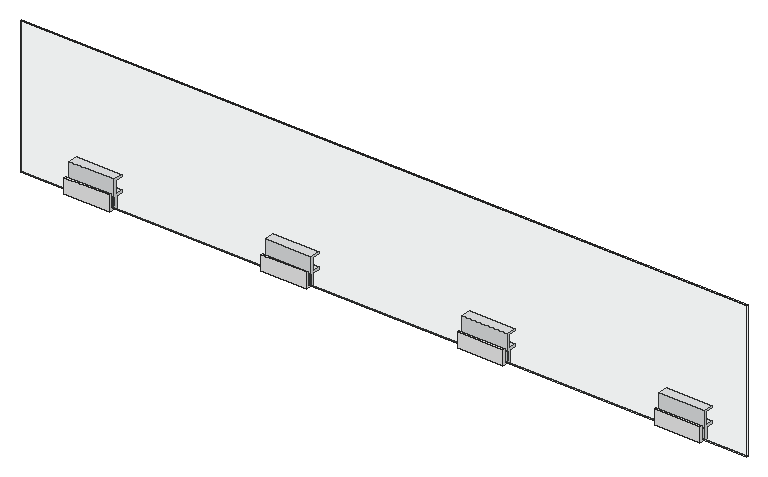
Revit family "Clarus_Divide Thinline_Side Clamp_R18", category Furniture, host Face, Revit 2018
Family settings
  Host = Face
  Cut with Voids When Loaded = No
  Shared = No
  Room Calculation Point = No
Parameters (values of type "6" Clamp - 96" Width")
  Width = 96"
  URL = "https://www.clarus.com/"
  TRC Standards [instance] = "http://therevitcollection.com/news/trc-news-the-revit-collection-standards-explained/"
  SingleArrayVis = Clamp Quantity < 2  # no
  Product URL = "https://www.clarus.com/divide-thinline/"
  MultiArrayVis = not(SingleArrayVis)  # yes
  More Revit Families! [instance] = "www.therevitcollection.com"
  Modeled By = "Commense Studio"  # constant formula
  Model = "Divide ThinLine"  # constant formula
  Max Height = if(Glass Thickness = 1" / 4, 30", if(Glass Thickness = 1" / 2, 20", 30"))  # 30"
  Manufacturer = "Clarus"  # constant formula
  Height Control = if(Height > Max Height, Max Height, Height)  # 18"
  Edge Offset = 6"  # constant formula
  Clarus Clamp [instance] = Clarus White
  Description = "Buckle down on your workspace challenges with Divide ThinLine from Clarus®. This beautifully\r\nengineered desk divider system boasts clean lines that won’t harm your existing offi ce furniture.\r\nSince no drilling is involved and all hardware screws are strategically hidden inside the clamps,\r\nDivide ThinLine seamlessly integrates and reduces visual distractions in your offi ce, all while\r\nmaintaining the overall aesthetic. Using this new patent pending state-of-the-art clamping system,\r\nDivide ThinLine can be easily installed at the back, side or along the center of a desk, giving you the\r\nfreedom to accommodate power cords, monitor arm att achments and more. You have the option to\r\nmix and match ThinLine Top, ThinLine Side and ThinLine Center hardware on the same table, which\r\nallows you to uniquely divide up your offi ce with stability and style."  # constant formula
  Height = 18"
  Designer = ""
  Glass Thickness = 1/4"
  Default Elevation = 0"
  Clarus Glass [instance] = Glass
  Clamp Width = 6"
  Clamp Quantity = 4
  Assembly Code = ""
  Array Control = if(Clamp Quantity < 2, 2, Clamp Quantity)  # 4
Types (11): name | Width | SingleArrayVis | MultiArrayVis | Clarus Clamp | Clamp Width | Clamp Quantity | Array Control
  12" Clamp - 36" Width | 36" | yes | no | Clarus Gray | 12" | 1 | 2
  6" Clamp - 36" Width | 36" | no | yes | Clarus Gray | 6" | 2 | 2
  2 1/2" Clamp - 30" Width | 30" | no | yes | Clarus Gray | 2 1/2" | 2 | 2
  6" Clamp - 66" Width | 66" | no | yes | Clarus Gray | 6" | 3 | 3
  6" Clamp - 96" Width | 96" | no | yes | Clarus White | 6" | 4 | 4
  2 1/2" Clamp - 48" Width | 48" | no | yes | Clarus Gray | 2 1/2" | 3 | 3
  2 1/2" Clamp - 66" Width | 66" | no | yes | Clarus Gray | 2 1/2" | 4 | 4
  2 1/2" Clamp - 84" Width | 84" | no | yes | Clarus Gray | 2 1/2" | 5 | 5
  2 1/2" Clamp - 96" Width | 96" | no | yes | Clarus Gray | 2 1/2" | 6 | 6
  12" Clamp - 72" Width | 72" | no | yes | Clarus Gray | 12" | 2 | 2
  12" Clamp - 96" Width | 96" | no | yes | Clarus Gray | 12" | 3 | 3
Reference planes (in)
  plane 1 "Center (Front/Back)": y = 0
  plane 2: z = 0
  plane 3 "Center (Left/Right)": x = 0
  plane 4 "L": x = -48
  plane 5 "R": x = 48
  plane 6 "F": y = -0.25
  plane 7: z = 15
  plane 8: x = -42
  plane 9: x = 42
  plane 10: z = -3
Forms (in)
  Extrusion 1, solid, material "Glass" <- "Clarus Glass"
    sketch origin (0, 0, 0) x (1, 0, 0) y (0, 1, 0)
      loop
        line (-48, 0) -> (-48, -0.25) -> (48, -0.25) -> (48, 0) -> (-48, 0)
    from -3 to 15
Dimensions and locks (in)
  equal spacing: plane 4 "L", plane 3 "Center (Left/Right)", plane 5 "R"
  "Width": plane 4 "L" to plane 5 "R"
  "Glass Thickness": plane 6 "F" to plane 1 "Center (Front/Back)"
  "Height Control": plane 7 to plane 10
  "Edge Offset": plane 4 "L" to plane 8
  "Edge Offset": plane 5 "R" to plane 9
  equal spacing: group 1, group 3, group 4, group 2  (x3)
  locked: level to plane 10 at 3
  aligned and locked: plane 2 to host face
  aligned and locked: level to host face
  aligned and locked: plane 7 to Extrusion 1
  aligned and locked: plane 3 "Center (Left/Right)" to nested 1
  aligned and locked: nested 2 to plane 8
  aligned and locked: plane 9 to nested 3
  aligned and locked: nested 3 to plane 6 "F"
  aligned and locked: plane 6 "F" to nested 2
  aligned and locked: plane 6 "F" to nested 1
  aligned and locked: plane 10 to Extrusion 1
Automatic sketch dimensions
  host sketch curve to host sketch curve = 96"
  host sketch curve to host sketch curve = 47 1/2"
  Extrusion 1 sketch curve to plane 4 "L" = 0"
  Extrusion 1 sketch curve to plane 5 "R" = 0"
  plane 6 "F" to Extrusion 1 sketch curve = 0"
  plane 1 "Center (Front/Back)" to Extrusion 1 sketch curve = 0"
Nested families (in)
  nested 1: "Thinline Side Clamp_R18" at (0, 1.5, 0), Core Finish <- "Clarus Clamp", visible <- "SingleArrayVis", type "Thinline Side Clamp_R18"
    with TRC Standards "http://therevitcollection.com/news/trc-news-the-revit-collection-standards-explained/", More Revit Families! "www.therevitcollection.com", Core Finish Clarus White
  nested 2: "Thinline Side Clamp_R18" at (-39, 1.5, 0), Core Finish <- "Clarus Clamp", visible <- "MultiArrayVis", type "Thinline Side Clamp_R18"
    with TRC Standards "http://therevitcollection.com/news/trc-news-the-revit-collection-standards-explained/", More Revit Families! "www.therevitcollection.com", Core Finish Clarus White
  nested 3: "Thinline Side Clamp_R18" at (39, 1.5, 0), Core Finish <- "Clarus Clamp", visible <- "MultiArrayVis", type "Thinline Side Clamp_R18"
    with TRC Standards "http://therevitcollection.com/news/trc-news-the-revit-collection-standards-explained/", More Revit Families! "www.therevitcollection.com", Core Finish Clarus White
  nested 4: "Thinline Side Clamp_R18" at (-13, 1.5, 0), Core Finish <- "Clarus Clamp", visible <- "MultiArrayVis", type "Thinline Side Clamp_R18"
    with TRC Standards "http://therevitcollection.com/news/trc-news-the-revit-collection-standards-explained/", More Revit Families! "www.therevitcollection.com", Core Finish Clarus White
  nested 5: "Thinline Side Clamp_R18" at (13, 1.5, 0), Core Finish <- "Clarus Clamp", visible <- "MultiArrayVis", type "Thinline Side Clamp_R18"
    with TRC Standards "http://therevitcollection.com/news/trc-news-the-revit-collection-standards-explained/", More Revit Families! "www.therevitcollection.com", Core Finish Clarus White
Definition of nested family "Thinline Side Clamp_R18"
  Parameters (values of type "Thinline Side Clamp_R18")
    Width = 6"
    URL = "https://www.clarus.com/"
    TRC Standards [instance] = "http://therevitcollection.com/news/trc-news-the-revit-collection-standards-explained/"
    Product URL = "https://www.clarus.com/be-shield/"
    More Revit Families! [instance] = "www.therevitcollection.com"
    Modeled By = "Commense Studio"  # constant formula
    Model = "be! Shield"  # constant formula
    Manufacturer = "Clarus"  # constant formula
    Glass Thickness = 1/4"
    Core Finish [instance] = none
    Description = "be! Shield Leg Configs"  # constant formula
    Height = 4 7/16"
    Designer = ""
    Depth = 2"
    Default Elevation = 0"
    Assembly Code = ""
  Reference planes (in)
    plane 1 "Center (Front/Back)": y = 0
    plane 2: z = 0
    plane 3 "Center (Left/Right)": x = 0
    plane 4 "L": x = -3
    plane 5 "R": x = 3
    plane 6 "F": y = -2
    plane 7: y = -1.75
    plane 8: y = -1.5
    plane 9: y = -1.40625
    plane 10: z = -3.25
    plane 11: z = 0.25
  Forms (in)
    Extrusion 1, solid
      sketch origin (0, 0, 0) x (1, 0, 0) y (0, 1, 0)
        loop
          line (-48, 48) -> (-48, -48) -> (48, -48) -> (48, 48) -> (-48, 48)
      from 0 to -12
    Extrusion 2, solid, material <- "Core Finish"
      sketch origin (10.61611, 0, 0) x (0, 0, 1) y (0, -1, 0)
        loop
          line (-1.8125, 1.125) -> (-3, 1.125) -> (-3, 1.75) -> (-1.3125, 1.75) -> (-1.3125, 2) -> (-3.25, 2) -> (-3.25, 0.875) -> (-1.875, 0.875) -> (-1.875, 0) -> (-1.5625, 0) -> (-1.5625, 1) -> (0, 1) -> (0, 0) -> (0.25, 0) -> (0.25, 1.25) -> (-1.8125, 1.25) -> (-1.8125, 1.125)
        loop
          line (-2.9375, 1.40625) -> (-1.875, 1.40625) -> (-1.875, 1.5) -> (-2.9375, 1.5) -> (-2.9375, 1.40625)
      from -13.61611 to -7.61611
  Dimensions and locks (in)
    equal spacing: plane 4 "L", plane 3 "Center (Left/Right)", plane 5 "R"
    "Width": plane 4 "L" to plane 5 "R"
    "Depth": plane 6 "F" to plane 1 "Center (Front/Back)"
    locked: plane 6 "F" to plane 7 at 0.25
    "Glass Thickness": plane 7 to plane 8
    plane 8 to plane 9 = 3/32"
    plane 6 "F" to plane 1 "Center (Front/Back)" = 2"
    aligned and locked: plane 2 to Extrusion 1
    aligned and locked: level to Extrusion 1
    aligned and locked: plane 5 "R" to Extrusion 2
    aligned and locked: Extrusion 2 to plane 4 "L"
    aligned and locked: Extrusion 2 sketch curve to plane 8
    aligned and locked: plane 9 to Extrusion 2 sketch curve
  Automatic sketch dimensions
    Extrusion 1 sketch curve to Extrusion 1 sketch curve = 96"  (x2)
    Extrusion 2 sketch curve to plane 10 = 0"
    Extrusion 2 sketch curve to plane 7 = 0"
    Extrusion 2 sketch curve to plane 1 "Center (Front/Back)" = 0"  (x2)
    Extrusion 2 sketch curve to plane 6 "F" = 0"
    Extrusion 2 sketch curve to level = 0"
    plane 11 to Extrusion 2 sketch curve = 0"
    plane 10 to Extrusion 2 sketch curve = 1/4"
    Extrusion 2 sketch curve to Extrusion 2 sketch curve = 1/16"  (x2)
    Extrusion 2 sketch curve to Extrusion 2 sketch curve = 1 1/16"
    Extrusion 2 sketch curve to Extrusion 2 sketch curve = 0"
    Extrusion 2 sketch curve to Extrusion 2 sketch curve = 1/4"  (x2)
    Extrusion 2 sketch curve to Extrusion 2 sketch curve = 9/16"
    plane 9 to Extrusion 2 sketch curve = 17/32"
    plane 9 to Extrusion 2 sketch curve = 13/32"
    plane 9 to Extrusion 2 sketch curve = 5/32"
